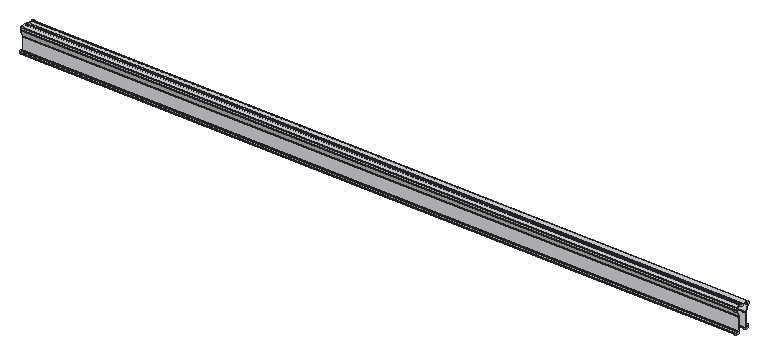
Revit family "43TSC4.00 18g Top Chord", category Structural Framing, Revit 2020
Family settings
  Section Shape = Not Defined
  Material for Model Behavior = Steel
  Always export as geometry = No
  OmniClass Number = 23.25.30.11.14.14
  OmniClass Title = Beams
  Always vertical = Yes
  Cut with Voids When Loaded = No
  Symbolic Representation = From Family
  Shared = No
  Show family pre-cut in plan views = Yes
Parameters
  Weight lbs per ft [instance] = 1.9288
  URL = "https://www.trussteel.com/details_files/pdf/ts008.pdf"
  Total Member Weight lbs [instance] = Length / 1' 0" * Weight lbs per ft  # 19.288
  Structural Material = ASTM A653 SS Grade 55 G90
  Steel Design Thickness (in) [instance] = 0.0451
  Model = "43TSC4.00"
  Manufacturer = "TrusSteel"
  Length [instance] = 10' - 0"
  Fy (ksi) [instance] = 55
  Fu (ksi) [instance] = 65
  Description = "Chord"
  Cross Section Area (in2) [instance] = 0.5673
  Beam Width = 0' - 2 1/2"
  Beam Height = 0' - 4"
Reference planes (in)
  plane 1 "Center (Front/Back)": y = 0
  plane 2 "Center El.": z = 0
  plane 3 "Center (Left/Right)": x = 0
  plane 4 "Left": x = -60
  plane 5 "Right": x = 60
Forms (in)
  Extrusion 1, solid
    sketch origin (0, 0, 0) x (0, 1, 0) y (0, 0, 1)
      loop
        arc (1.1109, -0.0451) -> (1.17737, -0.07263) -> (1.2049, -0.1391) r 0.094
        line (1.2049, -0.1391) -> (1.2049, -0.41436)
        arc (1.2049, -0.41436) -> (1.19696, -0.4885) -> (1.17349, -0.55928) r 0.35
        line (1.17349, -0.55928) -> (0.78546, -1.41227)
        arc (0.78546, -1.41227) -> (0.75897, -1.49217) -> (0.75, -1.57587) r 0.3951
        line (0.75, -1.57587) -> (0.75, -3.8949)
        arc (0.75, -3.8949) -> (0.78078, -3.96922) -> (0.8551, -4) r 0.1051
        line (0.8551, -4) -> (1.1449, -4)
        arc (1.1449, -4) -> (1.21922, -3.96922) -> (1.25, -3.8949) r 0.1051
        line (1.25, -3.8949) -> (1.25, -3.6051)
        arc (1.25, -3.6051) -> (1.21922, -3.53078) -> (1.1449, -3.5) r 0.1051
        line (1.1449, -3.5) -> (1, -3.5) -> (1, -3.5451) -> (1.1449, -3.5451)
        arc (1.1449, -3.5451) -> (1.18733, -3.56267) -> (1.2049, -3.6051) r 0.06
        line (1.2049, -3.6051) -> (1.2049, -3.8949)
        arc (1.2049, -3.8949) -> (1.18733, -3.93733) -> (1.1449, -3.9549) r 0.06
        line (1.1449, -3.9549) -> (0.8551, -3.9549)
        arc (0.8551, -3.9549) -> (0.81267, -3.93733) -> (0.7951, -3.8949) r 0.06
        line (0.7951, -3.8949) -> (0.7951, -1.57587)
        arc (0.7951, -1.57587) -> (0.80304, -1.50172) -> (0.82651, -1.43094) r 0.35
        line (0.82651, -1.43094) -> (1.21454, -0.57796)
        arc (1.21454, -0.57796) -> (1.24103, -0.49806) -> (1.25, -0.41436) r 0.3951
        line (1.25, -0.41436) -> (1.25, -0.1391)
        arc (1.25, -0.1391) -> (1.20926, -0.04074) -> (1.1109, 0) r 0.1391
        line (1.1109, 0) -> (0.245, 0)
        arc (0.245, 0) -> (0.19269, -0.01257) -> (0.15181, -0.04755) r 0.1151
        arc (0.15181, -0.04755) -> (0, -0.125) -> (-0.15181, -0.04755) r 0.1875
        arc (-0.15181, -0.04755) -> (-0.19269, -0.01257) -> (-0.245, 0) r 0.1151
        line (-0.245, 0) -> (-1.1109, 0)
        arc (-1.1109, 0) -> (-1.20926, -0.04074) -> (-1.25, -0.1391) r 0.1391
        line (-1.25, -0.1391) -> (-1.25, -0.41436)
        arc (-1.25, -0.41436) -> (-1.24103, -0.49806) -> (-1.21454, -0.57796) r 0.3951
        line (-1.21454, -0.57796) -> (-0.82651, -1.43094)
        arc (-0.82651, -1.43094) -> (-0.80304, -1.50172) -> (-0.7951, -1.57587) r 0.35
        line (-0.7951, -1.57587) -> (-0.7951, -3.8949)
        arc (-0.7951, -3.8949) -> (-0.81267, -3.93733) -> (-0.8551, -3.9549) r 0.06
        line (-0.8551, -3.9549) -> (-1.1449, -3.9549)
        arc (-1.1449, -3.9549) -> (-1.18733, -3.93733) -> (-1.2049, -3.8949) r 0.06
        line (-1.2049, -3.8949) -> (-1.2049, -3.6051)
        arc (-1.2049, -3.6051) -> (-1.18733, -3.56267) -> (-1.1449, -3.5451) r 0.06
        line (-1.1449, -3.5451) -> (-1, -3.5451) -> (-1, -3.5) -> (-1.1449, -3.5)
        arc (-1.1449, -3.5) -> (-1.21922, -3.53078) -> (-1.25, -3.6051) r 0.1051
        line (-1.25, -3.6051) -> (-1.25, -3.8949)
        arc (-1.25, -3.8949) -> (-1.21922, -3.96922) -> (-1.1449, -4) r 0.1051
        line (-1.1449, -4) -> (-0.8551, -4)
        arc (-0.8551, -4) -> (-0.78078, -3.96922) -> (-0.75, -3.8949) r 0.1051
        line (-0.75, -3.8949) -> (-0.75, -1.57587)
        arc (-0.75, -1.57587) -> (-0.75897, -1.49217) -> (-0.78546, -1.41227) r 0.3951
        line (-0.78546, -1.41227) -> (-1.17349, -0.55928)
        arc (-1.17349, -0.55928) -> (-1.19696, -0.4885) -> (-1.2049, -0.41436) r 0.35
        line (-1.2049, -0.41436) -> (-1.2049, -0.1391)
        arc (-1.2049, -0.1391) -> (-1.17737, -0.07263) -> (-1.1109, -0.0451) r 0.094
        line (-1.1109, -0.0451) -> (-0.245, -0.0451)
        arc (-0.245, -0.0451) -> (-0.21319, -0.05275) -> (-0.18832, -0.07402) r 0.07
        arc (-0.18832, -0.07402) -> (0, -0.1701) -> (0.18832, -0.07402) r 0.2326
        arc (0.18832, -0.07402) -> (0.21319, -0.05275) -> (0.245, -0.0451) r 0.07
        line (0.245, -0.0451) -> (1.1109, -0.0451)
    from -60 to 60
Dimensions and locks (in)
  equal spacing: plane 4 "Left", plane 3 "Center (Left/Right)", plane 5 "Right"
  "Length": plane 4 "Left" to plane 5 "Right"
  "Beam Width": Extrusion 1 to Extrusion 1
  "Beam Height": Extrusion 1 to Extrusion 1
  aligned and locked: level to plane 2 "Center El."
  aligned and locked: plane 4 "Left" to Extrusion 1
  aligned and locked: Extrusion 1 to plane 5 "Right"
Automatic sketch dimensions
  Extrusion 1 sketch curve to Extrusion 1 sketch curve = 0' - 0"  (x32)
  Extrusion 1 sketch curve to level = 0' - 0"  (x2)
  Extrusion 1 sketch curve to plane 1 "Center (Front/Back)" = 0' - 0"
  Extrusion 1 sketch curve to level = 0' - 0.1151"
  plane 1 "Center (Front/Back)" to Extrusion 1 sketch curve = 0' - 0.245"
  plane 1 "Center (Front/Back)" to Extrusion 1 sketch curve = 0' - 0 3/4"
  Extrusion 1 sketch curve to Extrusion 1 sketch curve = 0' - 0.03546"  (x2)
  Extrusion 1 sketch curve to Extrusion 1 sketch curve = 0' - 0.0451"  (x2)
  Extrusion 1 sketch curve to Extrusion 1 sketch curve = 0' - 0.04105"  (x2)
  Extrusion 1 sketch curve to Extrusion 1 sketch curve = 0' - 0.6099"  (x2)
  Extrusion 1 sketch curve to Extrusion 1 sketch curve = 0' - 0.06"  (x4)
  Extrusion 1 sketch curve to Extrusion 1 sketch curve = 0' - 0.1449"  (x4)
  Extrusion 1 sketch curve to level = 0' - 0.0451"  (x2)
  Extrusion 1 sketch curve to Extrusion 1 sketch curve = 0' - 0.256"  (x2)
  Extrusion 1 sketch curve to Extrusion 1 sketch curve = 0' - 0.2898"  (x4)
  Extrusion 1 sketch curve to Extrusion 1 sketch curve = 0' - 0.31859"  (x2)
  Extrusion 1 sketch curve to level = 0' - 0.55928"  (x2)
  Extrusion 1 sketch curve to Extrusion 1 sketch curve = 0' - 0.03141"  (x2)
  Extrusion 1 sketch curve to level = 0' - 0.57796"  (x2)
  Extrusion 1 sketch curve to plane 1 "Center (Front/Back)" = 0' - 0.245"
  Extrusion 1 sketch curve to plane 1 "Center (Front/Back)" = 0' - 0 3/4"
  Extrusion 1 sketch curve to level = 0' - 0.1391"
  Extrusion 1 sketch curve to Extrusion 1 sketch curve = 0' - 0.35"
  Extrusion 1 sketch curve to Extrusion 1 sketch curve = 0' - 0.85299"  (x2)
  Extrusion 1 sketch curve to Extrusion 1 sketch curve = 0' - 1.92413"  (x2)
  Extrusion 1 sketch curve to Extrusion 1 sketch curve = 0' - 0.07"
  level to Extrusion 1 sketch curve = 0' - 0 1/16"
